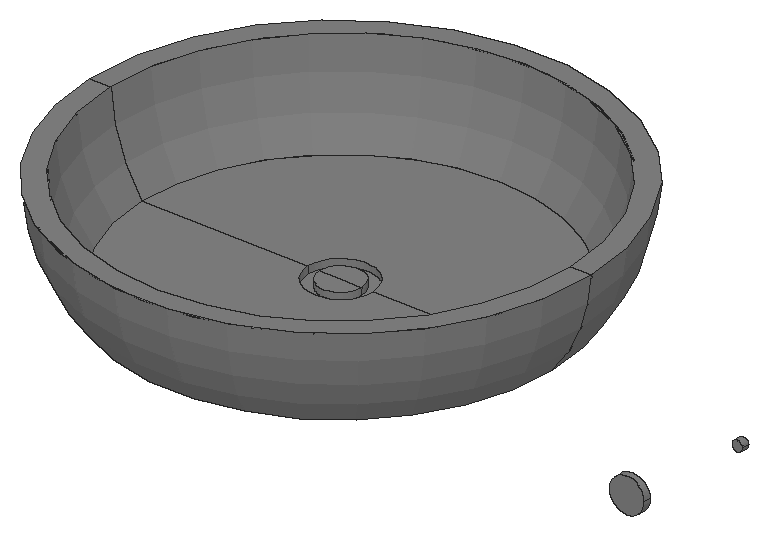
Revit family "Lavatory-Vessel_Contemporary_FLT141_TOTO", category Plumbing Fixtures, Revit 2013
Parameters
  ecoScorecard_data = "http://toto.ecoscorecard.com/product/FLT141"
  ecoScorecard Product Page = "http://toto.ecoscorecard.com/product/FLT141"
  Waste Connection NPT Radius = 5/8"
  Waste Connection = yes
  Warranty URL = "http://www.totousa.com/warranty-registration"
  Warranty = "One Year Limited Warranty"  # constant formula
  WFU = 0
  Vent Connection = no
  URL = "http://www.totousa.com"
  Toto BIM Number = "BM-00022"  # constant formula
  Subcategory = "Lavatories"  # constant formula
  Style = "Contemporary"  # constant formula
  Spec Sheet URL = "http://assets.totousa.com/product-files/SS-00425_FLT141.pdf"
  Sink Type = "Lavatory"  # constant formula
  Sink Configuration = "Single Sink"  # constant formula
  Shipping Weight = 56.40 lbf
  Series = "Waza Noir"  # constant formula
  SanoGloss Available = no
  Sanitary Connector = "Sanitary Connection"  # constant formula
  Product Page URL = " "
  Parts Manual URL = " "
  Owners Manual URL = "  "
  Mounting = "Vessel"  # constant formula
  Model = "FLT141"
  Material = "Cast Iron"  # constant formula
  Manufacturer Toll Free Phone = "1-888-295-8134"  # constant formula
  Manufacturer Phone = "(770) 282-8686"  # constant formula
  Manufacturer Fax = "(770) 282-0002"  # constant formula
  Manufacturer Email = "mailto:custservice@totousa.com"
  Manufacturer Address = "1155 Southern Road, Morrow, Georgia 30260"  # constant formula
  Manufacturer = "TOTO USA, Inc."  # constant formula
  Installation URL = " "
  Industry Standards = "Meets and exceeds ASME A112.19.2/CSA B45.1"  # constant formula
  Hot Water Connector = "Hot Water Connection"  # constant formula
  Hot Water Connection Radius = 3/16"
  Hot Water Connection Diameter = Hot Water Connection Radius / 2  # 3/32"
  Height = 5 1/4"  # constant formula
  HWFU = 0
  HW Connection = yes
  Finish = Cast Iron - TOTO - 80 Matte
  Diameter = 18 1/8"  # constant formula
  Description = "Vessel Lavatory"
  Cost Info = "mailto:custservice@totousa.com"
  Color Availability = "#80 Matte"  # constant formula
  Cold Water Connector = "Cold Water Connection"  # constant formula
  Cold Water Connection Radius = 3/16"
  Cold Water Connection Diameter = Cold Water Connection Radius / 2  # 3/32"
  Code Compliance = "UPC, IPC, NSPC, NPC Canada, and others"  # constant formula
  Certifications = "IAPMO(cUPC), State of Massachusetts , City of Los Angeles, and others"  # constant formula
  CWFU = 0
  CW Connection = yes
  CAD Drawing URL = "http://assets.totousa.com/product-files/AD-00291_FLT141.dxf"
  Basin Diameter = 16 9/16"  # constant formula
  Assembly Code = "D2010310"
  ADA Compliant = yes
  95 CSI = "15410"  # constant formula
  04 CSI = "22 42 16"  # constant formula
Types (2): name | ecoScorecard_data | ecoScorecard Product Page
  (no name) | "http://toto.ecoscorecard.com/product/FLT141" | "http://toto.ecoscorecard.com/product/FLT141"
  FLT141 | " " | "  "
Reference planes (in)
  plane 1 "Center (Front/Back)": y = 0
  plane 2: z = 0
  plane 3 "Center (Left/Right)": x = 0
  plane 4 "Back": y = 9.0625
  plane 5 "Front": y = -9.0625
  plane 6: x = -9.0625
  plane 7: x = 9.0625
  plane 8: z = 0
  plane 9: y = 13.5
  plane 10: z = 3.5625
  plane 11: z = -1.6875
Dimensions and locks (in)
  "Diameter": plane 5 "Front" to plane 4 "Back"
  equal spacing: plane 5 "Front", plane 1 "Center (Front/Back)", plane 4 "Back"
  equal spacing: plane 6, plane 3 "Center (Left/Right)", plane 7
  plane 6 to plane 7 = 18 1/8"
  plane 8 to plane 2 = 0"
  "Height": plane 10 to plane 11
  aligned and locked: level to plane 2
  aligned and locked: plane 1 "Center (Front/Back)" to nested 1
  aligned and locked: plane 3 "Center (Left/Right)" to nested 1
  aligned: level to plane 11
  aligned and locked: plane 11 to nested 1
Nested families (in)
  nested 1: "FLT141" at (0, 0, 0), type "FLT141"
Connectors (in)
  piping at (0, 13.1875, -12.4375), driven by "WFU", driven by "Waste Connection NPT Radius", driven by "Waste Connection", driven by "Sanitary Connector", driven by "Waste Connection"
    settings: on nested 1, index 1, connector radius 5/8", flow factor 0, pipe flow 0 GPM, pressure drop 0.00 psi, fitting loss kfactor 0, connector angle 0.00°, fixture units 0, engagement length 0", flow configuration 3, flow direction 2, fitting loss method 0, system type 16, joint type 0, gender type 0, connector reference index -1, connector utility 1, adjustable connector yes, is connector primary yes, fitting loss table "", connector description "Sanitary Connection"
  piping at (4, 13.1875, -9.4375), driven by "HWFU", driven by "HW Connection", driven by "Hot Water Connector", driven by "Hot Water Connection Radius", driven by "HW Connection"
    settings: on nested 1, index 2, connector radius 3/16", flow factor 0, pipe flow 0 GPM, pressure drop 0.00 psi, fitting loss kfactor 0, connector angle 0.00°, fixture units 0, engagement length 0", flow configuration 3, flow direction 1, fitting loss method 0, system type 19, joint type 0, gender type 0, connector reference index -1, connector utility 1, adjustable connector yes, is connector primary no, fitting loss table "", connector description "Hot Water Connection"
  piping at (-4, 13.1875, -9.4375), driven by "CWFU", driven by "HW Connection", driven by "Cold Water Connector", driven by "Cold Water Connection Radius", driven by "CW Connection"
    settings: on nested 1, index 3, connector radius 3/16", flow factor 0, pipe flow 0 GPM, pressure drop 0.00 psi, fitting loss kfactor 0, connector angle 0.00°, fixture units 0, engagement length 0", flow configuration 3, flow direction 1, fitting loss method 0, system type 20, joint type 0, gender type 0, connector reference index -1, connector utility 1, adjustable connector yes, is connector primary no, fitting loss table "", connector description "Cold Water Connection"
Definition of nested family "FLT141"
  Parameters (values of type "FLT141")
    Waste Connection Radius = 5/8"
    Waste Connection = yes
    WFU = 0
    Vent Connection = yes
    URL = ""
    Toto BIM Number = "BM-00022"
    Model = ""
    Manufacturer = ""
    HWFU = 0
    HW Connection = yes
    Lavatory Material = Cast Iron - TOTO - 80 Matte
    Description = ""
    CWFU = 0
    CW Connection = yes
    Nominal Radius = Nominal Diameter / 2  # 9 1/16"
    Nominal Length = 18 1/8"
    Nominal Height = 5 1/4"  # constant formula
    Nominal Diameter = 18 1/8"  # constant formula
    Nominal Depth = 18 1/8"
    Assembly Code = ""
  Reference planes (in)
    plane 1 "Center (Front/Back)": y = 0
    plane 2: z = 0
    plane 3 "Center (Left/Right)": x = 0
    plane 4: z = 3.5625
    plane 5: z = -1.6875
    plane 6: z = -9.4375
    plane 7: z = -12.4375
    plane 8: x = -4
    plane 9: x = 4
    plane 10: y = 9.0625
    plane 11: y = -9.0625
    plane 12: x = -9.0625
    plane 13: x = 9.0625
    plane 14 "Wall Closure": y = 12.9375
  Forms (in)
    Revolve 1, solid, material "Cast Iron - TOTO - 80 Matte" <- "Lavatory Material", detail levels fine
      sketch origin (0, 0, 0) x (1, 0, 0) y (0, 0, 1)
        loop
          line (0, 3.5625) -> (-9.0625, 3.5625)
          arc (-9.0625, 3.5625) -> (-8.66156, 1.665) -> (-7.66706, 0) r 5.90024
          line (-7.66706, 0) -> (0, 0) -> (0, 3.5625)
        axis (0, 3.5625) -> (0, 0)
      angle from 0 to 360
    Revolve 2, void
      sketch origin (0, 0, 0) x (1, 0, 0) y (0, 0, 1)
        loop
          line (0, 3.5625) -> (-8.3125, 3.5625)
          arc (-8.3125, 3.5625) -> (-8.00623, 1.82249) -> (-7.20081, 0.25) r 5.92856
          line (-7.20081, 0.25) -> (0, 0.25) -> (0, 3.5625)
        axis (0, 3.5625) -> (0, 0.25)
      angle from 0 to 360
    Extrusion 3, void
      sketch origin (0, 0, 0) x (1, 0, 0) y (0, 1, 0)
        loop
          circle (0, 0) r 1.18124
        loop
          circle (0, 0) r 0.7676
      from 0 to 0.25
    Extrusion 4, solid, material "Cast Iron - TOTO - 80 Matte" <- "Lavatory Material"
      sketch origin (0, 0, 0) x (1, 0, 0) y (0, 1, 0)
        loop
          circle (0, 0) r 1.18124
      from 0 to -1.6875
    Extrusion 5, solid, material "Cast Iron - TOTO - 80 Matte" <- "Lavatory Material"
      sketch origin (0, 0, 0) x (1, 0, 0) y (0, 0, 1)
        loop
          circle (0, -12.4375) r 0.625
      from -13.1875 to -12.9375
    Extrusion 6, solid, material "Cast Iron - TOTO - 80 Matte" <- "Lavatory Material"
      sketch origin (0, 0, 0) x (1, 0, 0) y (0, 0, 1)
        loop
          circle (-4, -9.4375) r 0.1875
      from -13.1875 to -12.9375
    Extrusion 7, solid, material "Cast Iron - TOTO - 80 Matte" <- "Lavatory Material"
      sketch origin (0, 0, 0) x (1, 0, 0) y (0, 0, 1)
        loop
          circle (4, -9.4375) r 0.1875
      from -13.1875 to -12.9375
    Extrusion 8, solid, material "Cast Iron - TOTO - 80 Matte" <- "Lavatory Material", detail levels coarse
      sketch origin (0, 0, 0) x (1, 0, 0) y (0, 1, 0)
        loop
          circle (0, 0) r 9.0625
      from 0 to 3.5625
    Revolve 9, solid, material "Cast Iron - TOTO - 80 Matte" <- "Lavatory Material", detail levels medium
      sketch origin (0, 0, 0) x (1, 0, 0) y (0, 0, 1)
        loop
          line (0, 3.5625) -> (-9.0625, 3.5625)
          arc (-9.0625, 3.5625) -> (-8.66156, 1.665) -> (-7.66706, 0) r 5.90024
          line (-7.66706, 0) -> (0, 0) -> (0, 3.5625)
        axis (0, 3.5625) -> (0, 0)
      angle from 0 to 360
  Cuts and joins
    Revolve 2, Extrusion 3 cuts Revolve 1
    Revolve 2 cuts Revolve 9
  Lines and regions (in)
    symbolic lines
      curve 1: circle (0, 0, 0) r 9.0625 normal (0, 0, 1)
      curve 6: line (-4.1875, 12.9375, 0) -> (-3.8125, 12.9375, 0)
      curve 7: line (-3.8125, 12.9375, 0) -> (-3.8125, 13.1875, 0)
      curve 8: line (-3.8125, 13.1875, 0) -> (-4.1875, 13.1875, 0)
      curve 9: line (-4.1875, 13.1875, 0) -> (-4.1875, 12.9375, 0)
      curve 10: line (-0.625, 12.9375, 0) -> (0.625, 12.9375, 0)
      curve 11: line (0.625, 12.9375, 0) -> (0.625, 13.1875, 0)
      curve 12: line (0.625, 13.1875, 0) -> (-0.625, 13.1875, 0)
      curve 13: line (-0.625, 13.1875, 0) -> (-0.625, 12.9375, 0)
      curve 14: line (3.8125, 12.9375, 0) -> (4.1875, 12.9375, 0)
      curve 15: line (4.1875, 12.9375, 0) -> (4.1875, 13.1875, 0)
      curve 16: line (4.1875, 13.1875, 0) -> (3.8125, 13.1875, 0)
      curve 17: line (3.8125, 13.1875, 0) -> (3.8125, 12.9375, 0)
      curve 18: line (-9.0625, 0, 3.5625) -> (9.0625, 0, 3.5625)
      curve 19: line (7.66706, 0, 0) -> (-7.66706, 0, 0)
      curve 20: line (-1.18124, 0, -1.6875) -> (1.18124, 0, -1.6875)
      curve 21: line (1.18124, 0, -1.6875) -> (1.18124, 0, 0)
      curve 22: line (-1.18124, 0, -1.6875) -> (-1.18124, 0, 0)
      curve 29: arc (-4.1875, 0, -9.4375) -> (-4, 0, -9.625) -> (-3.8125, 0, -9.4375) r 0.1875
      curve 30: arc (-3.8125, 0, -9.4375) -> (-4, 0, -9.25) -> (-4.1875, 0, -9.4375) r 0.1875
      curve 31: arc (-0.625, 0, -12.4375) -> (0, 0, -13.0625) -> (0.625, 0, -12.4375) r 0.625
      curve 32: arc (0.625, 0, -12.4375) -> (0, 0, -11.8125) -> (-0.625, 0, -12.4375) r 0.625
      curve 33: arc (3.8125, 0, -9.4375) -> (4, 0, -9.625) -> (4.1875, 0, -9.4375) r 0.1875
      curve 34: arc (4.1875, 0, -9.4375) -> (4, 0, -9.25) -> (3.8125, 0, -9.4375) r 0.1875
      curve 35: line (0, -9.0625, 3.5625) -> (0, 9.0625, 3.5625)
      curve 36: line (0, 7.66706, 0) -> (0, -7.66706, 0)
      curve 37: line (0, -1.18124, -1.6875) -> (0, 1.18124, -1.6875)
      curve 38: line (0, 1.18124, -1.6875) -> (0, 1.18124, 0)
      curve 39: line (0, -1.18124, -1.6875) -> (0, -1.18124, 0)
      curve 46: line (0, 13.1875, -9.25) -> (0, 12.9375, -9.25)
      curve 47: line (0, 13.1875, -9.625) -> (0, 13.1875, -9.25)
      curve 48: line (0, 12.9375, -9.625) -> (0, 13.1875, -9.625)
      curve 49: line (0, 12.9375, -9.25) -> (0, 12.9375, -9.625)
      curve 50: line (0, 13.1875, -11.8125) -> (0, 12.9375, -11.8125)
      curve 51: line (0, 13.1875, -13.0625) -> (0, 13.1875, -11.8125)
      curve 52: line (0, 12.9375, -13.0625) -> (0, 13.1875, -13.0625)
      curve 53: line (0, 12.9375, -11.8125) -> (0, 12.9375, -13.0625)
    symbolic lines, detail levels medium+fine
      curve 2: circle (0, 0, 0) r 8.3125 normal (0, 0, 1)
      curve 3: circle (0, 0, 0) r 7.20081 normal (0, 0, -1)
      curve 27: arc (-7.66706, 0, 0) -> (-8.69026, 0, 1.65376) -> (-9.0625, 0, 3.5625) r 5.40945
      curve 28: arc (7.66706, 0, 0) -> (8.65596, 0, 1.6672) -> (9.0625, 0, 3.5625) r 6.00775
      curve 44: arc (0, -7.66706, 0) -> (0, -8.65127, 1.66903) -> (0, -9.0625, 3.5625) r 6.10098
      curve 45: arc (0, 9.0625, 3.5625) -> (0, 8.62441, 1.67955) -> (0, 7.66706, 0) r 6.70168
    symbolic lines, detail levels fine
      curve 4: circle (0, 0, 0) r 1.18124 normal (0, 0, 1)
      curve 5: circle (0, 0, 0) r 0.7676 normal (0, 0, 1)
    symbolic lines, detail levels coarse
      curve 23: line (7.66706, 0, 0) -> (9.0625, 0, 0)
      curve 24: line (9.0625, 0, 0) -> (9.0625, 0, 3.5625)
      curve 25: line (-9.0625, 0, 0) -> (-9.0625, 0, 3.5625)
      curve 26: line (-7.66706, 0, 0) -> (-9.0625, 0, 0)
      curve 40: line (0, 9.0625, 0) -> (0, 9.0625, 3.5625)
      curve 41: line (0, 7.66706, 0) -> (0, 9.0625, 0)
      curve 42: line (0, -7.66706, 0) -> (0, -9.0625, 0)
      curve 43: line (0, -9.0625, 0) -> (0, -9.0625, 3.5625)
  Dimensions and locks (in)
    locked: plane 4 to plane 2 at 3.5625
    locked: plane 12 to Revolve 1 sketch curve at 1.39544
    locked: plane 4 to cut or joined group of Revolve 1, Revolve 2, Extrusion 3 at 3.3125
    locked: plane 3 "Center (Left/Right)" to Extrusion 3 sketch curve at 0  (x2)
    locked: plane 1 "Center (Front/Back)" to Extrusion 3 sketch curve at 0
    plane 1 "Center (Front/Back)" to Extrusion 3 sketch curve = 0"
    locked: plane 1 "Center (Front/Back)" to Extrusion 4 sketch curve at 0
    locked: plane 3 "Center (Left/Right)" to Extrusion 4 sketch curve at 0
    locked: plane 6 to Extrusion 6 sketch curve at 0
    locked: plane 8 to Extrusion 6 sketch curve at 0
    locked: plane 9 to Extrusion 7 sketch curve at 0
    locked: plane 6 to Extrusion 7 sketch curve at 0.1875
    locked: plane 7 to Extrusion 5 sketch curve at 0
    locked: plane 3 "Center (Left/Right)" to Extrusion 5 sketch curve at 0
    "Nominal Length": plane 12 to plane 13
    "Nominal Height": plane 4 to plane 5
    "Nominal Depth": plane 11 to plane 10
    equal spacing: plane 11, plane 1 "Center (Front/Back)", plane 10
    equal spacing: plane 12, plane 3 "Center (Left/Right)", plane 13
    locked: plane 3 "Center (Left/Right)" to Revolve 2 sketch curve at 8.3125
    "Nominal Radius": plane 3 "Center (Left/Right)" to Revolve 1 sketch curve
    locked: plane 4 to plane 6 at 13
    locked: plane 4 to plane 7 at 16
    locked: plane 12 to plane 8 at 5.0625
    locked: plane 9 to plane 13 at 5.0625
    plane 10 to plane 14 "Wall Closure" = 3 7/8"
    locked: plane 14 "Wall Closure" to Extrusion 5 at 0.25
    locked: plane 14 "Wall Closure" to Extrusion 7 at 0.25
    locked: plane 14 "Wall Closure" to Extrusion 6 at 0.25
    locked: Extrusion 6 sketch curve to Extrusion 6 sketch curve (radius 3/16")
    locked: Extrusion 7 sketch curve to Extrusion 7 sketch curve (radius 3/16")
    "Waste Connection Radius": radius of Extrusion 5 sketch curve
    aligned: Extrusion 5 to Extrusion 7
    aligned and locked: Revolve 1 sketch curve to plane 4
    aligned and locked: Revolve 1 sketch curve to plane 2
    aligned and locked: plane 3 "Center (Left/Right)" to Revolve 1 sketch curve
    aligned and locked: Revolve 2 sketch curve to plane 4
    aligned and locked: Extrusion 3 to Revolve 2
    aligned and locked: Extrusion 3 to level
    aligned and locked: level to Extrusion 4
    aligned and locked: Extrusion 4 to plane 5
    aligned: Extrusion 7 to plane 10
    aligned: Extrusion 6 to plane 10
    aligned and locked: plane 14 "Wall Closure" to Extrusion 5
    aligned and locked: Extrusion 7 to Extrusion 5
    aligned and locked: Extrusion 6 to Extrusion 5
  Automatic sketch dimensions
    Revolve 1 sketch curve to plane 3 "Center (Left/Right)" = 0"
    Revolve 1 sketch curve to plane 4 = 0.25444"
    Revolve 1 sketch curve to plane 5 = 3/4"
    Revolve 1 sketch curve to plane 4 = 2 1/2"
    Revolve 2 sketch curve to plane 3 "Center (Left/Right)" = 0"  (x2)
    Revolve 2 sketch curve to plane 4 = 0.14625"
    Revolve 2 sketch curve to plane 8 = 1.61426"
    level to Revolve 2 sketch curve = 1/4"
    Revolve 2 sketch curve to plane 5 = 3/4"
    Revolve 2 sketch curve to plane 4 = 1 1/4"
    Extrusion 3 sketch curve to Extrusion 3 sketch curve = 0"
    plane 1 "Center (Front/Back)" to Extrusion 8 sketch curve = 0"
    Extrusion 8 sketch curve to plane 3 "Center (Left/Right)" = 0"
    Revolve 9 sketch curve to plane 4 = 0"
    plane 12 to Revolve 9 sketch curve = 0"
    Revolve 9 sketch curve to level = 0"
    Revolve 9 sketch curve to plane 3 "Center (Left/Right)" = 0"  (x2)
    Revolve 9 sketch curve to plane 12 = 1.39544"
    Revolve 9 sketch curve to plane 4 = 0.25444"
    Revolve 9 sketch curve to plane 5 = 3/4"
    Revolve 9 sketch curve to plane 4 = 2 1/2"
    curve 1 to curve 2 = 0"  (x2)
    curve 1 to curve 3 = 0"  (x2)
    curve 1 to curve 5 = 0"
    curve 3 to curve 4 = 0"
    curve 4 to curve 5 = 0"  (x2)
    plane 1 "Center (Front/Back)" to curve 2 = 0"
    curve 2 to plane 3 "Center (Left/Right)" = 0"
    plane 14 "Wall Closure" to curve 6 = 0"
    curve 7 to plane 8 = 3/16"
    plane 8 to curve 9 = 3/16"
    curve 8 to plane 14 "Wall Closure" = 1/4"
    plane 14 "Wall Closure" to curve 13 = 0"
    curve 13 to plane 14 "Wall Closure" = 1/4"
    curve 13 to plane 3 "Center (Left/Right)" = 5/8"
    plane 3 "Center (Left/Right)" to curve 11 = 5/8"
    plane 14 "Wall Closure" to curve 17 = 0"
    plane 9 to curve 17 = 3/16"
    curve 16 to plane 9 = 3/16"
    curve 15 to plane 14 "Wall Closure" = 1/4"
    plane 12 to curve 26 = 0"
    curve 22 to plane 5 = 0"
    curve 28 to level = 0"
    curve 28 to plane 4 = 0"
    plane 13 to curve 28 = 0"
    curve 27 to plane 12 = 1.39544"
    curve 27 to plane 4 = 0.0642"
    curve 22 to plane 3 "Center (Left/Right)" = 1.18124"
    plane 3 "Center (Left/Right)" to curve 21 = 1.18124"
    curve 28 to plane 4 = 0.29585"
    plane 9 to curve 28 = 0.93796"
    curve 30 to plane 6 = 0"
    plane 8 to curve 30 = 0"
    curve 30 to curve 29 = 3/16"
    curve 31 to plane 7 = 0"
    curve 31 to plane 3 "Center (Left/Right)" = 0"
    curve 31 to curve 31 = 5/8"
    curve 33 to curve 34 = 0"  (x2)
    curve 33 to plane 6 = 0"
    plane 9 to curve 33 = 0"
    curve 33 to curve 33 = 3/16"
    plane 4 to curve 35 = 0"
    curve 35 to plane 11 = 0"
    curve 36 to level = 0"
    curve 39 to plane 5 = 0"
    curve 35 to plane 10 = 0"
    curve 53 to plane 14 "Wall Closure" = 0"
    curve 46 to plane 14 "Wall Closure" = 0"
    curve 42 to curve 36 = 1.39544"
    curve 44 to plane 4 = 0.33169"
    plane 1 "Center (Front/Back)" to curve 39 = 1.18124"
    curve 38 to plane 1 "Center (Front/Back)" = 1.18124"
    curve 45 to plane 4 = 0.56129"
    curve 45 to plane 1 "Center (Front/Back)" = 2.38437"
    curve 46 to curve 47 = 1/4"
    curve 52 to curve 51 = 1/4"
    curve 49 to plane 6 = 3/16"
    plane 6 to curve 49 = 3/16"
    curve 53 to plane 7 = 5/8"
    plane 7 to curve 52 = 5/8"
    radius of Extrusion 3 sketch curve = 1.18124"
    radius of Extrusion 3 sketch curve = 0.7676"
    radius of Extrusion 4 sketch curve = 1.18124"
    radius of Extrusion 8 sketch curve = 9 1/16"
    radius of curve 1 = 9 1/16"
    radius of curve 2 = 8 5/16"
    radius of curve 3 = 7.20081"
    radius of curve 4 = 1.18124"
    radius of curve 5 = 0.7676"
